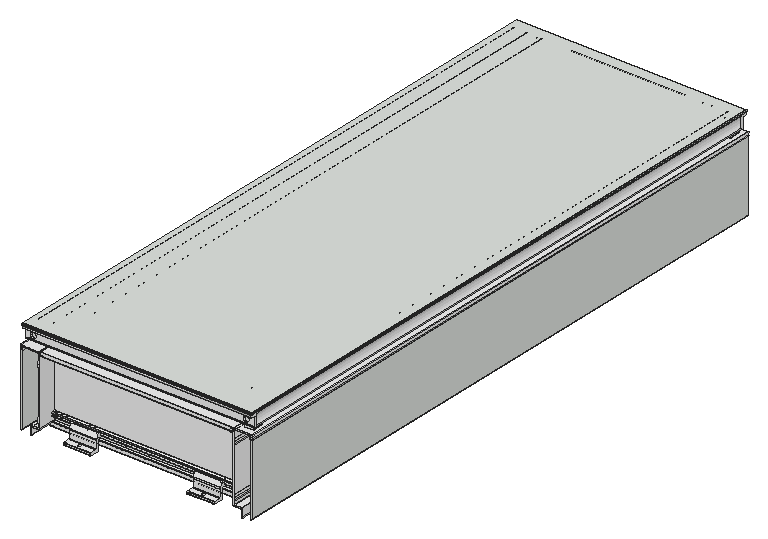
Revit family "Furniture-Mirror_Cabinet-KOHLER-VERDERA-K-26382T_1", category Casework, host Face, Revit 2021 (continued)
Definition of nested family "K-26382T"
  Lines and regions (in)
    Masking region 3
      outline origin (0, 0, 0) x (0, 1, 0) y (0, 0, 1)
        loop
          line (15.51181, 4.19469) -> (15.51181, 4.63857)
          arc (15.51181, 4.63857) -> (15.52369, 4.66725) -> (15.55237, 4.67913) r 0.04056
          line (15.55237, 4.67913) -> (15.66201, 4.67913)
          arc (15.66201, 4.67913) -> (15.71122, 4.72835) -> (15.66201, 4.77756) r 0.04921
          line (15.66201, 4.77756) -> (15.41339, 4.77756) -> (15.41339, 4.69807)
          arc (15.41339, 4.69807) -> (15.40798, 4.71523) -> (15.3937, 4.72618) r 0.02992
          line (15.3937, 4.72618) -> (15.3937, 4.77756) -> (-15.3937, 4.77756) -> (-15.3937, 4.72618)
          arc (-15.3937, 4.72618) -> (-15.40798, 4.71523) -> (-15.41339, 4.69807) r 0.02992
          line (-15.41339, 4.69807) -> (-15.41339, 4.77756) -> (-15.66201, 4.77756)
    symbolic lines, detail levels medium+fine
      curve 1: line (-5.84646, 15.74803, 0) -> (-5.84646, -15.71654, 0)
      curve 2: line (-5.81496, 15.71654, 0) -> (-5.81496, -15.71654, 0)
      curve 3: line (-5.81496, -15.71654, 0) -> (5.81496, -15.71654, 0)
      curve 4: line (-5.88583, -15.74803, 0) -> (-5.88583, 15.74803, 0)
      curve 5: line (5.81496, -15.71654, 0) -> (5.81496, 15.71654, 0)
      curve 6: line (5.84646, -15.74803, 0) -> (5.84646, 15.74803, 0)
      curve 7: line (5.88583, 15.74803, 0) -> (5.88583, -15.74803, 0)
      curve 8: line (5.81496, 15.71654, 0) -> (-5.81496, 15.71654, 0)
      curve 9: line (5.81496, 15.71654, 0) -> (5.84646, 15.74803, 0)
      curve 10: line (-5.81496, 15.71654, 0) -> (-5.84646, 15.74803, 0)
      curve 11: line (-5.81496, -15.71654, 0) -> (-5.84646, -15.74803, 0)
      curve 12: line (-5.84646, -15.71654, 0) -> (-5.84646, -15.74803, 0)
      curve 13: line (5.81496, -15.71654, 0) -> (5.84646, -15.74803, 0)
      curve 14: line (5.84646, 0, 4.89567) -> (-5.84646, 0, 4.89567)
      curve 15: line (-5.84646, 0, 4.84055) -> (5.84646, 0, 4.84055)
      curve 16: line (-3.94228, 0, 4.08361) -> (-5.63165, 0, 4.08361)
      curve 17: line (-4.92126, 0, 0.41929) -> (-4.92126, 0, 3.94291)
      curve 18: line (-4.92126, 0, 3.74606) -> (4.92126, 0, 3.74606)
      curve 19: line (4.92126, 0, 3.76575) -> (-4.92126, 0, 3.76575)
      curve 20: line (4.92126, 0, 3.92323) -> (-4.92126, 0, 3.92323)
      curve 21: line (4.94094, 0, 3.94291) -> (-4.76967, 0, 3.94291)
      curve 22: line (-5.86614, 0, 3.74606) -> (-5.82677, 0, 3.74606)
      curve 23: line (-5.82677, 0, 3.70669) -> (-5.86614, 0, 3.70669)
      curve 24: line (-5.86614, 0, 0.12402) -> (-5.86614, 0, 3.70669)
      curve 25: line (-5.82677, 0, 0.12402) -> (-5.82677, 0, 3.70669)
      curve 26: line (-5.82677, 0, 0.12402) -> (-5.86614, 0, 0.12402)
      curve 27: line (-5.23228, 0, 0.37598) -> (-5.27165, 0, 0.33661)
      curve 28: line (-5.27165, 0, 0.29724) -> (-5.23228, 0, 0.25787)
      curve 29: line (-4.92126, 0, 0.33661) -> (-5.3189, 0, 0.33661)
      curve 30: line (-5.3189, 0, 0.29724) -> (-4.92126, 0, 0.29724)
      curve 31: line (-5.27165, 0, 0.29724) -> (-5.27165, 0, 0.33661)
      curve 32: line (-4.92126, 0, 0.37598) -> (-4.92126, 0, 0.25584)
      curve 33: line (-5.80709, 0, 4.7185) -> (5.80709, 0, 4.7185)
      curve 34: line (-5.80709, 0, 4.73819) -> (5.80709, 0, 4.73819)
      curve 35: line (-5.80709, 0, 4.67913) -> (5.80709, 0, 4.67913)
      curve 36: line (-5.80709, 0, 4.63976) -> (5.80709, 0, 4.63976)
      curve 37: circle (-5.41666, 0, 4.40482) r 0.16033 normal (0, -1, 0)
      curve 38: line (-5.63165, 0, 4.14764) -> (5.7044, 0, 4.14764)
      curve 39: line (-4.76143, 0, 3.97366) -> (-3.94228, 0, 3.97366)
      curve 40: line (-4.21023, 0, 3.94291) -> (-4.21023, 0, 3.97366)
      curve 41: line (-4.09976, 0, 3.97366) -> (-4.09976, 0, 4.08361)
      curve 42: line (-4.65094, 0, 3.97366) -> (-4.65094, 0, 4.08361)
      curve 43: line (-5.0927, 0, 3.4082) -> (-5.0927, 0, 3.29516)
      curve 44: line (-4.99606, 0, 3.41034) -> (-4.99606, 0, 3.36024)
      curve 45: line (-4.99606, 0, 3.29353) -> (-4.99606, 0, 3.34449)
      curve 46: line (-4.99606, 0, 3.36024) -> (-4.965, 0, 3.35306)
      curve 47: line (-4.965, 0, 3.35306) -> (-4.99606, 0, 3.34449)
      curve 48: line (-4.98053, 0, 3.35665) -> (-5.0927, 0, 3.35665)
      curve 49: line (-4.98053, 0, 3.34878) -> (-5.0927, 0, 3.34878)
      curve 50: line (-4.99606, 0, 0.91243) -> (-4.99606, 0, 0.67418)
      curve 51: line (-5.06794, 0, 0.49803) -> (-5.06794, 0, 1.63976)
      curve 52: line (-5.68504, 0, 1.63976) -> (-5.68504, 0, 0.49803)
      curve 53: line (-5.72441, 0, 0.49803) -> (-5.72441, 0, 2.86024)
      curve 54: line (4.92126, 0, 3.46809) -> (-4.92126, 0, 3.46809)
      curve 55: line (4.92126, 0, 3.43898) -> (-4.92126, 0, 3.43898)
      curve 56: line (4.92126, 0, 3.39567) -> (-4.92126, 0, 3.39567)
      curve 57: line (4.92126, 0, 3.30906) -> (-4.92126, 0, 3.30906)
      curve 58: line (4.92126, 0, 3.26575) -> (-4.92126, 0, 3.26575)
      curve 59: line (4.92126, 0, 3.23664) -> (-4.92126, 0, 3.23664)
      curve 60: line (-4.92126, 0, 0.90903) -> (-2.55906, 0, 0.90903)
      curve 61: line (-2.55906, 0, 0.87992) -> (-4.92126, 0, 0.87992)
      curve 62: line (-2.55906, 0, 0.83661) -> (-4.92126, 0, 0.83661)
      curve 63: line (-3.83858, 0, 0.75) -> (-4.92126, 0, 0.75)
      curve 64: line (-3.83858, 0, 0.70669) -> (-4.92126, 0, 0.70669)
      curve 65: line (-3.83858, 0, 0.67758) -> (-4.92126, 0, 0.67758)
      curve 66: line (-2.46063, 0, 0.84646) -> (-2.46063, 0, 0.24213)
      curve 67: line (-3.83858, 0, 0.83661) -> (-3.83858, 0, 0.22686)
      curve 68: line (4.92126, 0, 0.4626) -> (3.83858, 0, 0.4626)
      curve 69: line (4.92126, 0, 0.44291) -> (3.83858, 0, 0.44291)
      curve 70: line (-4.92126, 0, 0.24213) -> (-3.83858, 0, 0.24213)
      curve 71: line (4.92126, 0, 0.26181) -> (3.83858, 0, 0.26181)
      curve 72: line (-3.83858, 0, 0.4626) -> (-4.92126, 0, 0.4626)
      curve 73: line (-3.83858, 0, 0.44291) -> (-4.92126, 0, 0.44291)
      curve 74: line (-3.83858, 0, 0.26181) -> (-4.92126, 0, 0.26181)
      curve 75: line (-2.55906, 0, 0.90903) -> (-2.55906, 0, 0.83661)
      curve 76: line (-2.46063, 0, 0.84646) -> (-2.55906, 0, 0.84646)
      curve 77: line (-2.46063, 0, 0.82677) -> (-3.83858, 0, 0.82677)
      curve 78: line (-3.83858, 0, 0.81527) -> (-2.46063, 0, 0.81527)
      curve 79: line (-3.83858, 0, 0.55508) -> (-2.46063, 0, 0.55508)
      curve 80: line (-3.83858, 0, 0.54689) -> (-2.46063, 0, 0.54689)
      curve 81: line (4.92126, 0, 0.41929) -> (4.92126, 0, 3.92323)
      curve 82: line (5.86614, 0, 3.74606) -> (5.82677, 0, 3.74606)
      curve 83: line (5.82677, 0, 3.70669) -> (5.86614, 0, 3.70669)
      curve 84: line (5.86614, 0, 0.12402) -> (5.86614, 0, 3.70669)
      curve 85: line (5.82677, 0, 0.12402) -> (5.82677, 0, 3.70669)
      curve 86: line (5.82677, 0, 0.12402) -> (5.86614, 0, 0.12402)
      curve 87: line (5.27165, 0, 0.29724) -> (5.23228, 0, 0.25787)
      curve 88: line (4.92126, 0, 0.33661) -> (5.27165, 0, 0.33661)
      curve 89: line (5.27165, 0, 0.29724) -> (4.92126, 0, 0.29724)
      curve 90: line (5.27165, 0, 0.29724) -> (5.27165, 0, 0.33661)
      curve 91: line (4.92126, 0, 0.37598) -> (4.92126, 0, 0.25584)
      curve 92: line (5.0927, 0, 3.4082) -> (5.0927, 0, 3.29516)
      curve 93: line (4.99606, 0, 3.41034) -> (4.99606, 0, 3.36024)
      curve 94: line (4.99606, 0, 3.29353) -> (4.99606, 0, 3.34449)
      curve 95: line (4.99606, 0, 3.36024) -> (4.965, 0, 3.35306)
      curve 96: line (4.965, 0, 3.35306) -> (4.99606, 0, 3.34449)
      curve 97: line (4.98053, 0, 3.35665) -> (5.0927, 0, 3.35665)
      curve 98: line (4.98053, 0, 3.34878) -> (5.0927, 0, 3.34878)
      curve 99: line (4.99606, 0, 0.91243) -> (4.99606, 0, 0.67418)
      curve 100: line (5.06794, 0, 0.49803) -> (5.06794, 0, 1.63976)
      curve 101: line (5.68504, 0, 1.63976) -> (5.68504, 0, 0.49803)
      curve 102: line (5.72441, 0, 0.49803) -> (5.72441, 0, 2.86024)
      curve 103: line (4.92126, 0, 0.90903) -> (2.55906, 0, 0.90903)
      curve 104: line (2.55906, 0, 0.87992) -> (4.92126, 0, 0.87992)
      curve 105: line (2.55906, 0, 0.83661) -> (4.92126, 0, 0.83661)
      curve 106: line (3.83858, 0, 0.75) -> (4.92126, 0, 0.75)
      curve 107: line (3.83858, 0, 0.70669) -> (4.92126, 0, 0.70669)
      curve 108: line (3.83858, 0, 0.67758) -> (4.92126, 0, 0.67758)
      curve 109: line (2.46063, 0, 0.84646) -> (2.46063, 0, 0.24213)
      curve 110: line (3.83858, 0, 0.83661) -> (3.83858, 0, 0.22686)
      curve 111: line (4.92126, 0, 0.24213) -> (3.83858, 0, 0.24213)
      curve 112: line (3.83858, 0, 0.4626) -> (4.92126, 0, 0.4626)
      curve 113: line (3.83858, 0, 0.26181) -> (4.92126, 0, 0.26181)
      curve 114: line (2.55906, 0, 0.90903) -> (2.55906, 0, 0.83661)
      curve 115: line (2.46063, 0, 0.84646) -> (2.55906, 0, 0.84646)
      curve 116: line (2.46063, 0, 0.82677) -> (3.83858, 0, 0.82677)
      curve 117: line (3.83858, 0, 0.81527) -> (2.46063, 0, 0.81527)
      curve 118: line (3.83858, 0, 0.55508) -> (2.46063, 0, 0.55508)
      curve 119: line (3.83858, 0, 0.54689) -> (2.46063, 0, 0.54689)
      curve 120: line (2.46063, 0, 0.44291) -> (-2.46063, 0, 0.44291)
      curve 121: line (2.46063, 0, 0.4626) -> (-2.46063, 0, 0.4626)
      curve 122: line (2.46063, 0, 0.26181) -> (-2.46063, 0, 0.26181)
      curve 123: line (-3.83858, 0, 0.1378) -> (-2.46063, 0, 0.1378)
      curve 124: line (-2.46063, 0, 0.11811) -> (-3.83858, 0, 0.11811)
      curve 125: line (-3.83858, 0, 0.09843) -> (-2.46063, 0, 0.09843)
      curve 126: line (-3.83858, 0, 0.01969) -> (-2.46063, 0, 0.01969)
      curve 127: line (2.46063, 0, 0.1378) -> (3.83858, 0, 0.1378)
      curve 128: line (3.83858, 0, 0.11811) -> (2.46063, 0, 0.11811)
      curve 129: line (2.46063, 0, 0.09843) -> (3.83858, 0, 0.09843)
      curve 130: line (2.46063, 0, 0.01969) -> (3.83858, 0, 0.01969)
      curve 131: circle (5.41666, 0, 4.40482) r 0.16033 normal (0, 1, 0)
      curve 132: arc (-5.46302, 0, 4.43595) -> (-5.41372, 0, 4.3451) -> (-5.36442, 0, 4.43595) r 0.0588
      curve 133: circle (-5.41372, 0, 4.4039) r 0.07982 normal (0, -1, 0)
      curve 134: arc (-5.36442, 0, 4.43595) -> (-5.37068, 0, 4.45257) -> (-5.3694, 0, 4.47029) r 0.04142
      curve 135: arc (-5.46223, 0, 4.46729) -> (-5.45819, 0, 4.45151) -> (-5.46302, 0, 4.43595) r 0.02993
      curve 136: arc (5.46302, 0, 4.43595) -> (5.41372, 0, 4.3451) -> (5.36442, 0, 4.43595) r 0.0588
      curve 137: circle (5.41372, 0, 4.4039) r 0.07982 normal (0, 1, 0)
      curve 138: arc (5.36442, 0, 4.43595) -> (5.37068, 0, 4.45257) -> (5.3694, 0, 4.47029) r 0.04142
      curve 139: arc (5.46223, 0, 4.46729) -> (5.45819, 0, 4.45151) -> (5.46302, 0, 4.43595) r 0.02993
      curve 140: line (5.67352, 0, 3.94291) -> (4.94094, 0, 3.94291)
      curve 141: arc (4.94094, 0, 3.94291) -> (4.92703, 0, 3.93715) -> (4.92126, 0, 3.92323) r 0.01969
      curve 142: arc (5.17993, 0, 3.97366) -> (5.18699, 0, 3.95724) -> (5.19768, 0, 3.94291) r 0.07629
      curve 143: line (5.18699, 0, 3.95724) -> (5.67823, 0, 3.95724)
      curve 144: line (5.16356, 0, 4.13264) -> (5.70239, 0, 4.13264)
      curve 145: line (5.20276, 0, 4.14764) -> (5.20276, 0, 4.11446)
      curve 146: line (5.67276, 0, 4.14764) -> (5.67276, 0, 4.10876)
      curve 147: arc (5.67276, 0, 4.10876) -> (5.66529, 0, 4.02452) -> (5.64313, 0, 3.94291) r 0.47901
      curve 148: arc (5.20276, 0, 4.11446) -> (5.21211, 0, 4.02672) -> (5.23974, 0, 3.94291) r 0.41637
      curve 149: line (0, -15.41339, 4.69807) -> (0, -15.41339, 4.27756)
      curve 150: line (0, -15.3937, 4.29724) -> (0, -15.3937, 4.76181)
      curve 151: line (0, -15.74803, 4.84055) -> (0, 15.74803, 4.84055)
      curve 152: line (0, 15.74803, 4.89567) -> (0, -15.74803, 4.89567)
      curve 153: line (0, -15.3937, 4.14764) -> (0, -14.90748, 4.14764)
      curve 154: line (0, -15.3937, 4.18701) -> (0, 15.3937, 4.18701)
      curve 155: line (0, -15.3937, 4.76181) -> (0, 15.3937, 4.76181)
      curve 156: line (0, 15.74803, 0.02559) -> (0, -15.74803, 0.02559)
      curve 157: line (0, -15.70866, 0.08465) -> (0, 15.70866, 0.08465)
      curve 158: line (0, 15.70866, 0.12402) -> (0, -15.70866, 0.12402)
      curve 159: line (0, -15.70866, 0.12402) -> (0, -15.70866, 3.70669)
      curve 160: line (0, -15.74803, 0.12402) -> (0, -15.70866, 0.08465)
      curve 161: line (0, 15.70866, 3.70669) -> (0, 15.70866, 0.12402)
      curve 162: line (0, 15.70866, 0.08465) -> (0, 15.74803, 0.12402)
      curve 163: line (0, -15.70866, 3.70669) -> (0, 15.70866, 3.70669)
      curve 164: line (0, -15.74803, 3.74606) -> (0, 15.74803, 3.74606)
      curve 165: line (0, -15.74803, 3.76575) -> (0, 15.74803, 3.76575)
      curve 166: line (0, -15.74803, 3.92323) -> (0, 15.74803, 3.92323)
      curve 167: line (0, 15.3937, 4.14764) -> (0, 14.90748, 4.14764)
      curve 168: line (0, 14.90748, 4.11607) -> (0, 15.42488, 4.11607)
      curve 169: line (0, 15.40105, 3.97721) -> (0, 14.9261, 3.97721)
      curve 170: line (0, 15.3937, 4.14764) -> (0, 15.3937, 4.11607)
      curve 171: line (0, 14.95188, 4.14764) -> (0, 14.95188, 4.11607)
      curve 172: arc (0, 14.95188, 4.11607) -> (0, 14.95733, 4.03735) -> (0, 14.97356, 3.96014) r 0.57171
      curve 173: arc (0, 15.3937, 4.11607) -> (0, 15.38592, 4.03659) -> (0, 15.36287, 3.96014) r 0.40972
      curve 174: line (0, 15.41339, 4.69807) -> (0, 15.41339, 4.27756)
      curve 175: line (0, 15.3937, 4.29724) -> (0, 15.3937, 4.72618)
      curve 176: line (0, -15.70866, 3.74606) -> (0, -15.74803, 3.70669)
      curve 177: line (0, -14.90748, 4.11607) -> (0, -15.42488, 4.11607)
      curve 178: line (0, -14.92579, 3.97834) -> (0, -15.40145, 3.97834)
      curve 179: line (0, -14.94787, 4.14764) -> (0, -14.94787, 4.11607)
      curve 180: line (0, -15.38499, 4.14764) -> (0, -15.38499, 4.11607)
      curve 181: arc (0, -15.38499, 4.11607) -> (0, -15.376, 4.0361) -> (0, -15.34947, 3.96014) r 0.36001
      curve 182: arc (0, -14.94787, 4.11607) -> (0, -14.95444, 4.03702) -> (0, -14.97397, 3.96014) r 0.47889
      curve 183: line (0, -12.71151, 4.06392) -> (0, -10.58268, 4.06392)
      curve 184: line (0, -10.58268, 4.08361) -> (0, -10.58268, 3.9778)
      curve 185: line (0, -10.58268, 4.08361) -> (0, -12.67323, 4.08361)
      curve 186: line (0, -12.22835, 3.9778) -> (0, -10.58268, 3.9778)
      curve 187: line (0, -10.74016, 4.08361) -> (0, -10.74016, 3.9778)
      curve 188: line (0, -12.71151, 4.06392) -> (0, -12.71151, 4.08357)
      curve 189: line (0, -12.67299, 4.14764) -> (0, 12.67299, 4.14764)
      curve 190: line (0, -12.22835, 3.94322) -> (0, 12.22835, 3.94322)
      curve 191: line (0, 13.03937, 4.06392) -> (0, 10.58268, 4.06392)
      curve 192: line (0, 10.58268, 4.08361) -> (0, 10.58268, 3.9778)
      curve 193: line (0, 10.58268, 4.08361) -> (0, 12.67323, 4.08361)
      curve 194: line (0, 12.22835, 3.9778) -> (0, 10.58268, 3.9778)
      curve 195: line (0, 10.74016, 4.08361) -> (0, 10.74016, 3.9778)
      curve 196: line (0, -13.03937, 3.9778) -> (0, -13.03937, 4.08361)
      curve 197: line (0, 12.88189, 3.9778) -> (0, 12.88189, 4.08361)
      curve 198: line (-5.82677, 0, 3.70669) -> (-5.80707, 0, 3.72639)
      curve 199: line (-5.86614, 0, 3.70669) -> (-5.88581, 0, 3.72636)
      curve 200: line (-5.86614, 0, 0.12402) -> (-5.88555, 0, 0.1046)
      curve 201: line (-5.82677, 0, 0.12402) -> (-5.80727, 0, 0.10452)
      curve 202: line (5.86614, 0, 3.70669) -> (5.88582, 0, 3.72637)
      curve 203: line (5.82677, 0, 3.70669) -> (5.80723, 0, 3.72623)
      curve 204: line (5.82677, 0, 0.12402) -> (5.8073, 0, 0.10454)
      curve 205: line (5.86614, 0, 0.12402) -> (5.88651, 0, 0.10365)
  Dimensions and locks (in)
    plane 8 to level = 4.92717"
    plane 6 to plane 7 = 11.81102"
    plane 7 to plane 6 = 11.81102"
    plane 5 to plane 4 = 31.49606"
    plane 7 to plane 9 = 0.11811"
    aligned and locked: plane 2 to level
